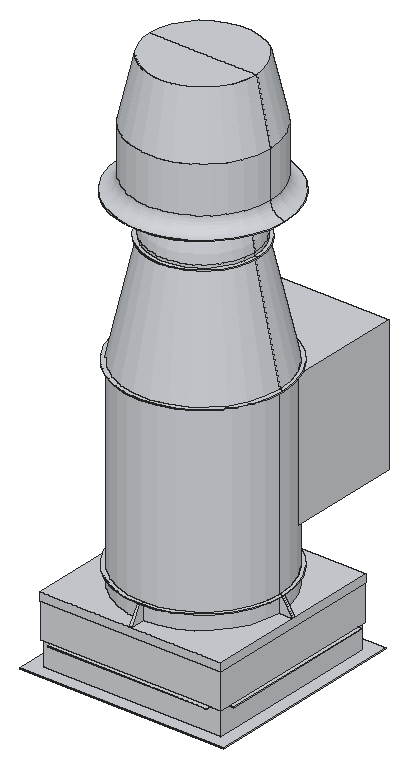
Revit family "QMXVP_with_Isolation_Box", category Mechanical Equipment, Revit 2019
Family settings
  Round Connector Dimension = Use Diameter
  Part Type = Normal
  Work Plane-Based = No
  Always vertical = Yes
  Cut with Voids When Loaded = No
  Shared = No
  Room Calculation Point = No
Parameters (values of type "402_QMXVP-27L-Isolation_Box")
  Unit Weight [instance] = ""
  UNIT_RADIUS+4" = UNIT_RADIUS + 0' 4"  # 2' - 8 15/32"
  UNIT_RADIUS*.6 = UNIT_RADIUS * 0.9  # 2' - 1.62188"
  UNIT_RADIUS = UNIT_OD / 2  # 2' - 4 15/32"
  UNIT_OD = 4' - 8 15/16"
  UNIT_HEIGHT*.75 = UNIT_HEIGHT * 0.75  # 4' - 3 3/8"
  UNIT_HEIGHT = 5' - 8 1/2"
  TYPE = 0' - 0"
  TRANSITION_TOP = 9' - 10 3/4"
  Sones [instance] = ""
  RO/2 = RO / 2  # 2' - 5 23/32"
  RO = 4' - 11 7/16"
  NOZZLE_WB_RAD-2" = NOZZLE_WB_RAD - 0' 2"  # 2' - 4 1/2"
  NOZZLE_WB_RAD = NOZZLE_WB_OD / 2  # 2' - 6 1/2"
  NOZZLE_WB/4 = NOZZLE_WB_OD / 5  # 1' - 0.2"
  NOZZLE_TOP_RAD = NOZZLE_TOP_OD / 2  # 1' - 7 27/32"
  NOZZLE_TOP_OD = if(NOZZLE_SIZE = 9' 0", 1' 1 1/2", if(NOZZLE_SIZE = 12' 0", 1' 7 1/2", if(NOZZLE_SIZE = 15' 0", 1' 11", if(NOZZLE_SIZE = 18' 0", 2' 3 1/2", if(NOZZLE_SIZE = 21' 0", 2' 6 3/4", if(NOZZLE_SIZE = 24' 0", 3' 0 1/2", if(NOZZLE_SIZE = 27' 0", 3' 3 11/16", if(NOZZLE_SIZE = 30' 0", 3' 9 1/2", if(NOZZLE_SIZE = 36' 0", 4' 10", if(NOZZLE_SIZE = 49' 0", 6' 4", 0' 1"))))))))))  # 3' - 3 11/16"
  NOZZLE_SIZE = 27' - 0"
  NOZZLE_HEIGHT/7*2 = NOZZLE_HEIGHT / 8 * 2  # 1' - 3 5/32"
  NOZZLE_HEIGHT = if(NOZZLE_SIZE = 9' 0", 2' 4", if(NOZZLE_SIZE = 12' 0", 2' 8", if(NOZZLE_SIZE = 15' 0", 3' 7", if(NOZZLE_SIZE = 18' 0", 4' 0", if(NOZZLE_SIZE = 21' 0", 4' 4 3/4", if(NOZZLE_SIZE = 24' 0", 5' 2", if(NOZZLE_SIZE = 30' 0", 6' 6", if(NOZZLE_SIZE = 27' 0", 5' 0 5/8", if(NOZZLE_SIZE = 36' 0", 7' 11", if(NOZZLE_SIZE = 49' 0", 9' 2", 0' 1"))))))))))  # 5' - 0 5/8"
  NOZZLE_BOTTOM_RAD = NOZZLE_BOTTOM_ID / 2  # 1' - 7 5/32"
  NOZZLE_WB_OD = if(NOZZLE_SIZE = 9' 0", 1' 11", if(NOZZLE_SIZE = 12' 0", 2' 4", if(NOZZLE_SIZE = 15' 0", 3' 0", if(NOZZLE_SIZE = 18' 0", 3' 7", if(NOZZLE_SIZE = 21' 0", 4' 1", if(NOZZLE_SIZE = 24' 0", 5' 1", if(NOZZLE_SIZE = 27' 0", 5' 1", if(NOZZLE_SIZE = 30' 0", 6' 2", if(NOZZLE_SIZE = 36' 0", 7' 6", if(NOZZLE_SIZE = 49' 0", 8' 5", 0' 1"))))))))))  # 5' - 1"
  NOZZLE_BOTTOM_ID = if(NOZZLE_SIZE = 9' 0", 1' 0 13/16", if(NOZZLE_SIZE = 12' 0", 1' 5 1/16", if(NOZZLE_SIZE = 15' 0", 1' 9 3/8", if(NOZZLE_SIZE = 18' 0", 2' 1 5/8", if(NOZZLE_SIZE = 21' 0", 2' 4 3/4", if(NOZZLE_SIZE = 24' 0", 2' 10 3/4", if(NOZZLE_SIZE = 27' 0", 3' 2 5/16", if(NOZZLE_SIZE = 30' 0", 3' 6 1/2", if(NOZZLE_SIZE = 36' 0", 4' 3 3/4", if(NOZZLE_SIZE = 49' 0", 5' 9 3/8", 0' 1"))))))))))  # 3' - 2 5/16"
  Motor RPM [instance] = ""
  Motor Enclosure [instance] = ""
  ModelID [instance] = ""
  MB_HT-2.75" = MB_HT - 0' 2 3/4"  # 1' - 1 1/4"
  MB_HT+.25" = MB_HT + 0' 0 1/4"  # 1' - 4 1/4"
  MB_HT = 1' - 4"  # constant formula
  LwA [instance] = ""
  GA = if(UNIT_OD > 7' 0", 0' 0 23/128", if(UNIT_OD > 5' 9", 0' 0 17/128", 0' 0 27/256"))  # 0' - 0 27/256"
  Fan RPM [instance] = ""
  E = 5' - 5 3/4"
  CURB_HEIGHT [instance] = 1' - 0"
  CURB [instance] = yes
  C/2 = C / 2  # 3' - 8"
  C = 7' - 4"
  B/2 = B / 2  # 7' - 7 1/2"
  B = 15' - 3"
  Assembly Code = ""
  Accessories [instance] = ""
  A/2 = A / 2  # 2' - 9 1/2"
  A = 5' - 7"
  6" = 0' - 6"  # constant formula
  5" = 0' - 5"  # constant formula
  3.125" = 0' - 3 1/8"  # constant formula
  3" = 0' - 3"  # constant formula
  Brake Hp [instance] = ""
  4" = 0' - 4"  # constant formula
  2' = 2' - 0"
  2" = 0' - 2"  # constant formula
  1" = 0' - 1"  # constant formula
  0 = 0' - 0"  # constant formula
  Voltage [instance] = 0 V
  URL = "www.lorencook.com"
  Type Comments = if(TYPE = 1' 0", "Vari-Plume Laboratory Exhaust Mixed-Flow High Pressure Inline Belt Drive With Isolation Box\r\n", "Vari-Plume Laboratory Exhaust Mixed-Flow Inline Belt Drive With Isolation Box\r\n")  # "Vari-Plume Laboratory Exhaust Mixed-Flow Inline Belt Drive With Isolation Box\r\n"
  Static Pressure [instance] = 0.00 in-wg
  Power [instance] = Voltage * Motor FLA * sqrt(if(Phase = 3, 3, 1))  # 0 VA
  Phase [instance] = 0
  Number of Poles [instance] = 1
  Motor Hp [instance] = "0"
  Motor FLA [instance] = 0 A
  Model = if(TYPE = 1' 0", "QMXHPVP-Isolation Box", "QMXVP-Isolation Box")  # "QMXVP-Isolation Box"
  Manufacturer = "Loren Cook Company"
  CFM [instance] = 0 CFM
  1.5 = 0' - 1 1/2"  # constant formula
  1/4 = 0' - 0 1/4"  # constant formula
  ONE EIGTH = 0' - 0 1/8"  # constant formula
  (NOZZLE_WB_OD-NOZZLE_TOP_OD)/2 = (NOZZLE_WB_OD - NOZZLE_TOP_OD) / 4  # 0' - 5 21/64"
  (NOZZLE_HEIGHT-(NOZZLE_HEIGHT/8*2))/2 = (NOZZLE_HEIGHT - (NOZZLE_HEIGHT / 8 * 2)) / 2  # 1' - 10 47/64"
  (A/2)+.25" = (A / 2) + 0' 0 1/4"  # 2' - 9 3/4"
Reference planes (in)
  plane 1 "Center (Front/Back)": y = 0
  plane 2: z = 0
  plane 3 "Center (Left/Right)": x = 0.40541
Forms (in)
  Extrusion 1, solid
    sketch origin (0, 0, 0) x (1, 0, 0) y (0, 1, 0)
      loop
        line (-33.34459, 33.75) -> (-33.34459, -33.75) -> (34.15541, -33.75) -> (34.15541, 33.75) -> (-33.34459, 33.75)
    from 16.25 <- "MB_HT+.25"" to 13.25 <- "MB_HT-2.75""
  Revolve 2, solid
    sketch origin (0, 0, 0) x (1, 0, 0) y (0, 0, 1)
      loop
        line (0.40541, 16.25) -> (28.87416, 16.25) -> (28.87416, 22.25) -> (30.37416, 22.25) -> (30.37416, 22.5) -> (28.87416, 22.5) -> (28.87416, 90.5) -> (30.37416, 90.5) -> (30.37416, 90.75) -> (28.87416, 90.75) -> (19.56166, 131.75) -> (21.06166, 131.75) -> (21.06166, 132) -> (0.40541, 132) -> (0.40541, 16.25)
      axis (0.40541, 132) -> (0.40541, 16.25)
    angle from 0 to 360
  Revolve 3, solid
    sketch origin (0, 0, 0) x (1, 0, 0) y (0, 0, 1)
      loop
        line (0.40541, 132) -> (19.56166, 132) -> (19.56166, 133)
        arc (19.56166, 133) -> (17.72865, 140.88652) -> (12.60541, 147.15625) r 17.8824
        line (12.60541, 147.15625) -> (30.90541, 147.15625) -> (20.24916, 192.625) -> (0.40541, 192.625) -> (0.40541, 132)
      axis (0.40541, 192.625) -> (0.40541, 132)
    angle from 0 to 360
  Extrusion 4, solid
    sketch origin (0.40541, 0, 90.5) x (1, 0, 0) y (0, -1, 0)
      loop
        line (-25.62187, -12.40924) -> (-25.62187, -54.25) -> (25.62188, -54.25) -> (25.62188, -12.40924)
        arc (25.62188, -12.40924) -> (0, -28.46875) -> (-25.62187, -12.40924) r 28.46875
    from 51.375 <- "UNIT_HEIGHT*.75" to 1.5
  Extrusion 5, solid
    sketch origin (0, 0, 0) x (1, 0, 0) y (0, 0, 1)
      loop
        line (-33.34459, 16.25) -> (-28.06334, 16.25) -> (-28.06334, 22.25) -> (-29.56334, 22.25) -> (-33.34459, 16.25)
      loop
        line (34.15541, 16.25) -> (30.37416, 22.25) -> (28.87416, 22.25) -> (28.87416, 16.25) -> (34.15541, 16.25)
    from -0.5 to 0.5
  Extrusion 6, solid
    sketch origin (0.40541, 0, 0) x (0, 1, 0) y (0, 0, 1)
      loop
        line (33.75, 16.25) -> (29.96875, 22.25) -> (28.46875, 22.25) -> (28.46875, 16.25) -> (33.75, 16.25)
      loop
        line (-33.5, 16.25) -> (-28.46875, 16.25) -> (-28.46875, 22.25) -> (-29.96875, 22.25) -> (-33.5, 16.25)
    from -0.5 to 0.5
  Extrusion 7, solid
    sketch origin (0.40541, 0, 22.25) x (1, 0, 0) y (0, -1, 0)
      loop
        line (-28.46875, 2) -> (-32.46875, 2) -> (-32.46875, -2) -> (-28.46875, -2) -> (-28.46875, 2)
    from -10 to -6
  Revolve 8, void
    sketch origin (0, 0, 0) x (1, 0, 0) y (0, 0, 1)
      loop
        arc (25.57729, 152.73437) -> (30.90541, 147.40625) -> (36.23354, 152.73438) r 5.32812
        line (36.23354, 152.73438) -> (36.23354, 169.89063) -> (25.57729, 169.89063) -> (25.57729, 152.73437)
      axis (0.40541, 152.73437) -> (0.40541, 169.89063)
    angle from 0 to 360
  Extrusion 9, solid
    sketch origin (0, 0, 0) x (1, 0, 0) y (0, 1, 0)
      loop
        line (-33.09459, 33.5) -> (-33.09459, -33.5) -> (33.90541, -33.5) -> (33.90541, 33.5) -> (-33.09459, 33.5)
    from 0 to 13.25 <- "MB_HT-2.75""
  Extrusion 10, void
    sketch origin (0, 0, 0) x (1, 0, 0) y (0, 1, 0)
      loop
        line (-32.84459, 33.25) -> (-32.84459, -33.25) -> (33.65541, -33.25) -> (33.65541, 33.25) -> (-32.84459, 33.25)
    from 0 to 2.875
  Extrusion 11, solid
    sketch origin (0, 0, 0) x (1, 0, 0) y (0, 1, 0)
      loop
        line (-33.34459, 29.75) -> (-34.84459, 29.75) -> (-34.84459, -29.75) -> (-33.34459, -29.75) -> (-33.34459, 29.75)
      loop
        line (-29.34459, -33.75) -> (-29.34459, -35.25) -> (30.15541, -35.25) -> (30.15541, -33.75) -> (-29.34459, -33.75)
      loop
        line (34.15541, -29.75) -> (35.65541, -29.75) -> (35.65541, 29.75) -> (34.15541, 29.75) -> (34.15541, -29.75)
      loop
        line (30.15541, 33.75) -> (30.15541, 35.25) -> (-29.34459, 35.25) -> (-29.34459, 33.75) -> (30.15541, 33.75)
    from 0 to 0.125
  Extrusion 12, solid
    sketch origin (-33.09459, 33.5, 0) x (1, 0, 0) y (0, 0, -1)
      loop
        line (63, -11.25) -> (63, -6.25) -> (4, -6.25) -> (4, -11.25) -> (63, -11.25)
    from 0 to 0.125
  Extrusion 13, solid
    sketch origin (-33.09459, 33.625, 0) x (1, 0, 0) y (0, 0, -1)
      loop
        line (11, -10.25) -> (11, -7.25) -> (5, -7.25) -> (5, -10.25) -> (11, -10.25)
    from 0 to 3.5
  Extrusion 14, solid, visible <- "CURB"
    sketch origin (0, 0, 2.875) x (0, 1, 0) y (1, 0, 0)
      loop
        line (29.71875, -29.31334) -> (29.71875, 30.12416) -> (-29.71875, 30.12416) -> (-29.71875, -29.31334) -> (29.71875, -29.31334)
      loop
        line (-32.84375, 33.24916) -> (-32.84375, -32.43834) -> (32.84375, -32.43834) -> (32.84375, 33.24916) -> (-32.84375, 33.24916)
    from 0 to 12 <- "CURB_HEIGHT"
  Extrusion 15, solid, visible <- "CURB"
    sketch origin (0, 0, -9.125) x (-1, 0, 0) y (0, 1, 0)
      loop
        line (32.43834, -32.84375) -> (32.43834, 32.84375) -> (-33.24916, 32.84375) -> (-33.24916, -32.84375) -> (32.43834, -32.84375)
      loop
        line (-38.24916, 37.84375) -> (-38.24916, -37.84375) -> (37.43834, -37.84375) -> (37.43834, 37.84375) -> (-38.24916, 37.84375)
    from 0 to -0.125
Cuts and joins
  Revolve 8 cuts Revolve 3
  Extrusion 10 cuts Extrusion 9
Dimensions and locks (in)
  "(A/2)+.25"": Extrusion 1 sketch curve to plane 3 "Center (Left/Right)"
  "(A/2)+.25"": plane 3 "Center (Left/Right)" to Extrusion 1 sketch curve
  "(A/2)+.25"": plane 1 "Center (Front/Back)" to Extrusion 1 sketch curve
  "(A/2)+.25"": Extrusion 1 sketch curve to plane 1 "Center (Front/Back)"
  "1/4": Revolve 2 sketch curve to Revolve 2 sketch curve  (x3)
  "1.5": Revolve 2 sketch curve to Revolve 2 sketch curve  (x3)
  "NOZZLE_BOTTOM_RAD": Revolve 2 sketch curve to plane 3 "Center (Left/Right)"
  "UNIT_HEIGHT": Revolve 2 sketch curve to Revolve 2 sketch curve
  "UNIT_RADIUS": Revolve 2 sketch curve to plane 3 "Center (Left/Right)"
  "UNIT_RADIUS": Revolve 2 sketch curve to Revolve 2 sketch curve
  "0": Revolve 2 sketch curve to plane 3 "Center (Left/Right)"  (x2)
  "0": Revolve 3 sketch curve to plane 3 "Center (Left/Right)"  (x2)
  "NOZZLE_TOP_RAD": Revolve 3 sketch curve to plane 3 "Center (Left/Right)"
  "NOZZLE_HEIGHT": Revolve 3 sketch curve to Revolve 2
  "0": Revolve 3 sketch curve to Revolve 2
  "NOZZLE_WB_RAD": Revolve 3 sketch curve to plane 3 "Center (Left/Right)"
  "NOZZLE_HEIGHT/7*2": Revolve 3 sketch curve to Revolve 3 sketch curve
  "NOZZLE_BOTTOM_RAD": Revolve 3 sketch curve to plane 3 "Center (Left/Right)"
  "1"": Revolve 3 sketch curve to Revolve 2  (x2)
  "NOZZLE_WB/4": Revolve 3 sketch curve to Revolve 3 sketch curve
  "0": Revolve 2 sketch curve to Revolve 2 sketch curve
  "0": Extrusion 4 sketch curve to plane 3 "Center (Left/Right)"
  "0": Extrusion 4 sketch curve to plane 1 "Center (Front/Back)"
  "UNIT_RADIUS*.6": Extrusion 4 sketch curve to plane 3 "Center (Left/Right)"
  "UNIT_RADIUS*.6": plane 3 "Center (Left/Right)" to Extrusion 4 sketch curve
  "0": Revolve 2 to Extrusion 5 sketch curve  (x3)
  "0": Extrusion 5 sketch curve to Revolve 2
  "1.5": Extrusion 5 sketch curve to Extrusion 5 sketch curve  (x2)
  "0": Revolve 2 to Extrusion 6 sketch curve
  "0": Extrusion 6 sketch curve to Revolve 2
  "UNIT_RADIUS": plane 1 "Center (Front/Back)" to Extrusion 6 sketch curve
  "UNIT_RADIUS": Extrusion 6 sketch curve to plane 1 "Center (Front/Back)"
  "1.5": Extrusion 6 sketch curve to Extrusion 6 sketch curve  (x2)
  "2"": plane 1 "Center (Front/Back)" to Extrusion 7 sketch curve
  "2"": Extrusion 7 sketch curve to plane 1 "Center (Front/Back)"
  "UNIT_RADIUS+4"": Extrusion 7 sketch curve to plane 3 "Center (Left/Right)"
  "UNIT_RADIUS": Extrusion 7 sketch curve to plane 3 "Center (Left/Right)"
  "NOZZLE_WB_RAD": Revolve 8 sketch curve to plane 3 "Center (Left/Right)"
  "(NOZZLE_WB_OD-NOZZLE_TOP_OD)/2": Revolve 8 sketch curve to Revolve 8 sketch curve  (x2)
  "1/4": Revolve 8 sketch curve to Revolve 3
  "(NOZZLE_HEIGHT-(NOZZLE_HEIGHT/8*2))/2": Revolve 8 sketch curve to Revolve 3
  "0": plane 3 "Center (Left/Right)" to Revolve 8 sketch curve
  "1/4": Extrusion 1 to Extrusion 9 sketch curve  (x3)
  "1/4": Extrusion 9 sketch curve to Extrusion 1
  "1/4": Extrusion 10 sketch curve to Extrusion 9  (x3)
  "1/4": Extrusion 9 to Extrusion 10 sketch curve
  "1.5": Extrusion 11 sketch curve to Extrusion 11 sketch curve  (x4)
  "0": Extrusion 11 sketch curve to Extrusion 1  (x3)
  "0": Extrusion 1 to Extrusion 11 sketch curve
  "4"": Extrusion 11 sketch curve to Extrusion 1  (x2)
  "4"": Extrusion 1 to Extrusion 11 sketch curve  (x6)
  "4"": cut or joined group of Extrusion 9, Extrusion 10 to Extrusion 12 sketch curve  (x2)
  "5"": Extrusion 12 sketch curve to Extrusion 12 sketch curve
  "2"": Extrusion 12 sketch curve to cut or joined group of Extrusion 9, Extrusion 10
  "1"": Extrusion 13 sketch curve to Extrusion 12  (x2)
  "1"": Extrusion 12 to Extrusion 13 sketch curve
  "6"": Extrusion 13 sketch curve to Extrusion 13 sketch curve
  "TRANSITION_TOP": cut or joined group of Extrusion 9, Extrusion 10 to Revolve 2 sketch curve
  "0": Extrusion 1 to Revolve 2 sketch curve
  "C": Extrusion 1 to Extrusion 4 sketch curve
  "0": Extrusion 5 sketch curve to Extrusion 1  (x2)
  "0": Extrusion 1 to Extrusion 5 sketch curve  (x2)
  "0": Extrusion 6 sketch curve to Extrusion 1  (x2)
  "0": Extrusion 1 to Extrusion 6 sketch curve
  "0": Extrusion 6 sketch curve to cut or joined group of Extrusion 9, Extrusion 10
  "3.125"": Extrusion 14 sketch curve to Extrusion 14 sketch curve  (x4)
  "RO/2": Extrusion 14 sketch curve to plane 3 "Center (Left/Right)"
  "RO/2": plane 3 "Center (Left/Right)" to Extrusion 14 sketch curve
  "RO/2": plane 1 "Center (Front/Back)" to Extrusion 14 sketch curve
  "RO/2": Extrusion 14 sketch curve to plane 1 "Center (Front/Back)"
  "5"": Extrusion 15 sketch curve to Extrusion 15 sketch curve  (x4)
  "0": Extrusion 15 sketch curve to Extrusion 14  (x3)
  "0": Extrusion 14 to Extrusion 15 sketch curve
  "UNIT_RADIUS": radius of Extrusion 4 sketch curve
Automatic sketch dimensions
  Revolve 2 sketch curve to Revolve 2 sketch curve = 0' - 0"
  Revolve 2 sketch curve to Revolve 2 sketch curve = 0' - 4"
  Extrusion 4 sketch curve to Extrusion 4 sketch curve = 0' - 0"
  Revolve 3 sketch curve to Revolve 3 sketch curve = 0' - 7"
  Revolve 3 sketch curve to Revolve 3 sketch curve = 0' - 3"
  Revolve 8 sketch curve to Revolve 8 sketch curve = 1' - 1"
  Revolve 8 sketch curve to Revolve 8 sketch curve = 4' - 5.21605"
  Revolve 2 sketch curve to Revolve 2 sketch curve = 0' - 6"
Connectors (in)
  electrical at (-30.06334, 0, 28.25)
    settings: on Extrusion 7, index 2, voltage 0 V, apparent load 0 VA, apparent load phase1 0 VA, apparent load phase2 0 VA, apparent load phase3 0 VA, power factor 1, load classification "Other", number of poles 1, system type 30, power factor state 1, is connector primary yes, connector utility no, sub classification motor no, connector description ""
  hvac at (0.40541, 0, 2.875), driven by "CFM", driven by "RO", driven by "RO"
    settings: on cut or joined group of Extrusion 9, Extrusion 10, index 3, duct flow 0 CFM, flow factor 0, pres drop 0.00 in-wg, loss coef 0, conn angle 0.00°, conn width 59 7/16", conn height 59 7/16", conn diameter 24", duct sys type 3, conn prof type 1, flow config 0, flow direction 1, loss method 0, conn ref index -1, conn util no, is conn primary yes, conn desc ""
Types (225): name | UNIT_RADIUS+4" | UNIT_RADIUS*.6 | UNIT_RADIUS | UNIT_OD | UNIT_HEIGHT*.75 | UNIT_HEIGHT | TYPE | TRANSITION_TOP | RO/2 | RO | NOZZLE_WB_RAD-2" | NOZZLE_WB_RAD | NOZZLE_WB/4 | NOZZLE_TOP_RAD | NOZZLE_TOP_OD | NOZZLE_SIZE | NOZZLE_HEIGHT/7*2 | NOZZLE_HEIGHT | NOZZLE_BOTTOM_RAD | NOZZLE_WB_OD | NOZZLE_BOTTOM_ID | GA | E | C/2 | C | B/2 | B | A/2 | A | Type Comments | Model | (NOZZLE_WB_OD-NOZZLE_TOP_OD)/2 | (NOZZLE_HEIGHT-(NOZZLE_HEIGHT/8*2))/2 | (A/2)+.25"
  (no name) | 2' - 8 15/32" | 2' - 1.62188" | 2' - 4 15/32" | 4' - 8 15/16" | 4' - 3 3/8" | 5' - 8 1/2" | 0' - 0" | 9' - 10 3/4" | 2' - 5 23/32" | 4' - 11 7/16" | 2' - 4 1/2" | 2' - 6 1/2" | 1' - 0.2" | 1' - 7 27/32" | 3' - 3 11/16" | 27' - 0" | 1' - 3 5/32" | 5' - 0 5/8" | 1' - 7 5/32" | 5' - 1" | 3' - 2 5/16" | 0' - 0 27/256" | 5' - 5 3/4" | 3' - 8" | 7' - 4" | 7' - 7 1/2" | 15' - 3" | 2' - 9 1/2" | 5' - 7" | "Vari-Plume Laboratory Exhaust Mixed-Flow Inline Belt Drive With Isolation Box\r\n" | "QMXVP-Isolation Box" | 0' - 5 21/64" | 1' - 10 47/64" | 2' - 9 3/4"
  90_QMXVP-9L-Isolation_Box | 0' - 10 13/32" | 0' - 5 49/64" | 0' - 6 13/32" | 1' - 0 13/16" | 1' - 2 29/32" | 1' - 7 7/8" | 0' - 0" | 3' - 1 1/16" | 0' - 10 1/2" | 1' - 9" | 0' - 9 1/2" | 0' - 11 1/2" | 0' - 4.6" | 0' - 6 3/4" | 1' - 1 1/2" | 9' - 0" | 0' - 7" | 2' - 4" | 0' - 6 13/32" | 1' - 11" | 1' - 0 13/16" | 0' - 0 27/256" | 2' - 3 3/16" | 1' - 3" | 2' - 6" | 2' - 8 1/2" | 5' - 5" | 1' - 2" | 2' - 4" | "Vari-Plume Laboratory Exhaust Mixed-Flow Inline Belt Drive With Isolation Box\r\n" | "QMXVP-Isolation Box" | 0' - 2 3/8" | 0' - 10 1/2" | 1' - 2 1/4"
  90_QMXVP-9H-Isolation_Box | 0' - 10 13/32" | 0' - 5 49/64" | 0' - 6 13/32" | 1' - 0 13/16" | 1' - 2 29/32" | 1' - 7 7/8" | 0' - 0" | 3' - 1 1/16" | 0' - 10 1/2" | 1' - 9" | 0' - 9 1/2" | 0' - 11 1/2" | 0' - 4.6" | 0' - 6 3/4" | 1' - 1 1/2" | 9' - 0" | 0' - 7" | 2' - 4" | 0' - 6 13/32" | 1' - 11" | 1' - 0 13/16" | 0' - 0 27/256" | 2' - 3 3/16" | 1' - 3" | 2' - 6" | 2' - 8 1/2" | 5' - 5" | 1' - 2" | 2' - 4" | "Vari-Plume Laboratory Exhaust Mixed-Flow Inline Belt Drive With Isolation Box\r\n" | "QMXVP-Isolation Box" | 0' - 2 3/8" | 0' - 10 1/2" | 1' - 2 1/4"
  120_QMXVP-9L-Isolation_Box | 1' - 0 17/32" | 0' - 7.67813" | 0' - 8 17/32" | 1' - 5 1/16" | 1' - 2 29/32" | 1' - 7 7/8" | 0' - 0" | 3' - 7 3/16" | 0' - 10 1/2" | 1' - 9" | 0' - 9 1/2" | 0' - 11 1/2" | 0' - 4.6" | 0' - 6 3/4" | 1' - 1 1/2" | 9' - 0" | 0' - 7" | 2' - 4" | 0' - 6 13/32" | 1' - 11" | 1' - 0 13/16" | 0' - 0 27/256" | 2' - 3 3/16" | 1' - 6 1/2" | 3' - 1" | 2' - 11 1/2" | 5' - 11" | 1' - 2" | 2' - 4" | "Vari-Plume Laboratory Exhaust Mixed-Flow Inline Belt Drive With Isolation Box\r\n" | "QMXVP-Isolation Box" | 0' - 2 3/8" | 0' - 10 1/2" | 1' - 2 1/4"
  120_QMXVP-9H-Isolation_Box | 1' - 0 17/32" | 0' - 7.67813" | 0' - 8 17/32" | 1' - 5 1/16" | 1' - 2 29/32" | 1' - 7 7/8" | 0' - 0" | 3' - 7 3/16" | 0' - 10 1/2" | 1' - 9" | 0' - 9 1/2" | 0' - 11 1/2" | 0' - 4.6" | 0' - 6 3/4" | 1' - 1 1/2" | 9' - 0" | 0' - 7" | 2' - 4" | 0' - 6 13/32" | 1' - 11" | 1' - 0 13/16" | 0' - 0 27/256" | 2' - 3 3/16" | 1' - 6 1/2" | 3' - 1" | 2' - 11 1/2" | 5' - 11" | 1' - 2" | 2' - 4" | "Vari-Plume Laboratory Exhaust Mixed-Flow Inline Belt Drive With Isolation Box\r\n" | "QMXVP-Isolation Box" | 0' - 2 3/8" | 0' - 10 1/2" | 1' - 2 1/4"
  120_QMXVP-12L-Isolation_Box | 1' - 0 17/32" | 0' - 7.67813" | 0' - 8 17/32" | 1' - 5 1/16" | 1' - 2 29/32" | 1' - 7 7/8" | 0' - 0" | 3' - 3 7/16" | 0' - 10 1/2" | 1' - 9" | 1' - 0" | 1' - 2" | 0' - 5.6" | 0' - 9 3/4" | 1' - 7 1/2" | 12' - 0" | 0' - 8" | 2' - 8" | 0' - 8 17/32" | 2' - 4" | 1' - 5 1/16" | 0' - 0 27/256" | 2' - 3 3/16" | 1' - 6 1/2" | 3' - 1" | 2' - 11 1/2" | 5' - 11" | 1' - 2" | 2' - 4" | "Vari-Plume Laboratory Exhaust Mixed-Flow Inline Belt Drive With Isolation Box\r\n" | "QMXVP-Isolation Box" | 0' - 2 1/8" | 1' - 0" | 1' - 2 1/4"
  120_QMXVP-12H-Isolation_Box | 1' - 0 17/32" | 0' - 7.67813" | 0' - 8 17/32" | 1' - 5 1/16" | 1' - 2 29/32" | 1' - 7 7/8" | 0' - 0" | 3' - 3 7/16" | 0' - 10 1/2" | 1' - 9" | 1' - 0" | 1' - 2" | 0' - 5.6" | 0' - 9 3/4" | 1' - 7 1/2" | 12' - 0" | 0' - 8" | 2' - 8" | 0' - 8 17/32" | 2' - 4" | 1' - 5 1/16" | 0' - 0 27/256" | 2' - 3 3/16" | 1' - 6 1/2" | 3' - 1" | 2' - 11 1/2" | 5' - 11" | 1' - 2" | 2' - 4" | "Vari-Plume Laboratory Exhaust Mixed-Flow Inline Belt Drive With Isolation Box\r\n" | "QMXVP-Isolation Box" | 0' - 2 1/8" | 1' - 0" | 1' - 2 1/4"
  135_QMXVP-9L-Isolation_Box | 1' - 1 5/8" | 0' - 8.6625" | 0' - 9 5/8" | 1' - 7 1/4" | 1' - 8 1/4" | 2' - 3" | 0' - 0" | 4' - 0 11/16" | 0' - 10 15/32" | 1' - 8 15/16" | 0' - 9 1/2" | 0' - 11 1/2" | 0' - 4.6" | 0' - 6 3/4" | 1' - 1 1/2" | 9' - 0" | 0' - 7" | 2' - 4" | 0' - 6 13/32" | 1' - 11" | 1' - 0 13/16" | 0' - 0 27/256" | 2' - 3 1/8" | 1' - 7 1/2" | 3' - 3" | 3' - 2 1/2" | 6' - 5" | 1' - 2" | 2' - 4" | "Vari-Plume Laboratory Exhaust Mixed-Flow Inline Belt Drive With Isolation Box\r\n" | "QMXVP-Isolation Box" | 0' - 2 3/8" | 0' - 10 1/2" | 1' - 2 1/4"
  135_QMXVP-9H-Isolation_Box | 1' - 1 5/8" | 0' - 8.6625" | 0' - 9 5/8" | 1' - 7 1/4" | 1' - 8 1/4" | 2' - 3" | 0' - 0" | 4' - 0 11/16" | 0' - 10 15/32" | 1' - 8 15/16" | 0' - 9 1/2" | 0' - 11 1/2" | 0' - 4.6" | 0' - 6 3/4" | 1' - 1 1/2" | 9' - 0" | 0' - 7" | 2' - 4" | 0' - 6 13/32" | 1' - 11" | 1' - 0 13/16" | 0' - 0 27/256" | 2' - 3 1/8" | 1' - 7 1/2" | 3' - 3" | 3' - 2 1/2" | 6' - 5" | 1' - 2" | 2' - 4" | "Vari-Plume Laboratory Exhaust Mixed-Flow Inline Belt Drive With Isolation Box\r\n" | "QMXVP-Isolation Box" | 0' - 2 3/8" | 0' - 10 1/2" | 1' - 2 1/4"
  150_QMXVP-9L-Isolation_Box | 1' - 2 11/16" | 0' - 9.61875" | 0' - 10 11/16" | 1' - 9 3/8" | 1' - 10 1/2" | 2' - 6" | 0' - 0" | 4' - 6 1/4" | 0' - 11 15/32" | 1' - 10 15/16" | 0' - 9 1/2" | 0' - 11 1/2" | 0' - 4.6" | 0' - 6 3/4" | 1' - 1 1/2" | 9' - 0" | 0' - 7" | 2' - 4" | 0' - 6 13/32" | 1' - 11" | 1' - 0 13/16" | 0' - 0 27/256" | 2' - 5 1/8" | 1' - 9" | 3' - 6" | 3' - 7 1/2" | 7' - 3" | 1' - 3" | 2' - 6" | "Vari-Plume Laboratory Exhaust Mixed-Flow Inline Belt Drive With Isolation Box\r\n" | "QMXVP-Isolation Box" | 0' - 2 3/8" | 0' - 10 1/2" | 1' - 3 1/4"
  135_QMXVP-12L-Isolation_Box | 1' - 1 5/8" | 0' - 8.6625" | 0' - 9 5/8" | 1' - 7 1/4" | 1' - 8 1/4" | 2' - 3" | 0' - 0" | 3' - 4 11/16" | 0' - 10 15/32" | 1' - 8 15/16" | 1' - 0" | 1' - 2" | 0' - 5.6" | 0' - 9 3/4" | 1' - 7 1/2" | 12' - 0" | 0' - 8" | 2' - 8" | 0' - 8 17/32" | 2' - 4" | 1' - 5 1/16" | 0' - 0 27/256" | 2' - 3 1/8" | 1' - 7 1/2" | 3' - 3" | 3' - 2 1/2" | 6' - 5" | 1' - 2" | 2' - 4" | "Vari-Plume Laboratory Exhaust Mixed-Flow Inline Belt Drive With Isolation Box\r\n" | "QMXVP-Isolation Box" | 0' - 2 1/8" | 1' - 0" | 1' - 2 1/4"
  135_QMXVP-12H-Isolation_Box | 1' - 1 5/8" | 0' - 8.6625" | 0' - 9 5/8" | 1' - 7 1/4" | 1' - 8 1/4" | 2' - 3" | 0' - 0" | 3' - 4 11/16" | 0' - 10 15/32" | 1' - 8 15/16" | 1' - 0" | 1' - 2" | 0' - 5.6" | 0' - 9 3/4" | 1' - 7 1/2" | 12' - 0" | 0' - 8" | 2' - 8" | 0' - 8 17/32" | 2' - 4" | 1' - 5 1/16" | 0' - 0 27/256" | 2' - 3 1/8" | 1' - 7 1/2" | 3' - 3" | 3' - 2 1/2" | 6' - 5" | 1' - 2" | 2' - 4" | "Vari-Plume Laboratory Exhaust Mixed-Flow Inline Belt Drive With Isolation Box\r\n" | "QMXVP-Isolation Box" | 0' - 2 1/8" | 1' - 0" | 1' - 2 1/4"
  150_QMXVP-9H-Isolation_Box | 1' - 2 11/16" | 0' - 9.61875" | 0' - 10 11/16" | 1' - 9 3/8" | 1' - 10 1/2" | 2' - 6" | 0' - 0" | 4' - 6 1/4" | 0' - 11 15/32" | 1' - 10 15/16" | 0' - 9 1/2" | 0' - 11 1/2" | 0' - 4.6" | 0' - 6 3/4" | 1' - 1 1/2" | 9' - 0" | 0' - 7" | 2' - 4" | 0' - 6 13/32" | 1' - 11" | 1' - 0 13/16" | 0' - 0 27/256" | 2' - 5 1/8" | 1' - 9" | 3' - 6" | 3' - 7 1/2" | 7' - 3" | 1' - 3" | 2' - 6" | "Vari-Plume Laboratory Exhaust Mixed-Flow Inline Belt Drive With Isolation Box\r\n" | "QMXVP-Isolation Box" | 0' - 2 3/8" | 0' - 10 1/2" | 1' - 3 1/4"
  150_QMXVP-12L-Isolation_Box | 1' - 2 11/16" | 0' - 9.61875" | 0' - 10 11/16" | 1' - 9 3/8" | 1' - 10 1/2" | 2' - 6" | 0' - 0" | 3' - 10 1/4" | 0' - 11 15/32" | 1' - 10 15/16" | 1' - 0" | 1' - 2" | 0' - 5.6" | 0' - 9 3/4" | 1' - 7 1/2" | 12' - 0" | 0' - 8" | 2' - 8" | 0' - 8 17/32" | 2' - 4" | 1' - 5 1/16" | 0' - 0 27/256" | 2' - 5 1/8" | 1' - 9" | 3' - 6" | 3' - 7 1/2" | 7' - 3" | 1' - 3" | 2' - 6" | "Vari-Plume Laboratory Exhaust Mixed-Flow Inline Belt Drive With Isolation Box\r\n" | "QMXVP-Isolation Box" | 0' - 2 1/8" | 1' - 0" | 1' - 3 1/4"
  150_QMXVP-12H-Isolation_Box | 1' - 2 11/16" | 0' - 9.61875" | 0' - 10 11/16" | 1' - 9 3/8" | 1' - 10 1/2" | 2' - 6" | 0' - 0" | 3' - 10 1/4" | 0' - 11 15/32" | 1' - 10 15/16" | 1' - 0" | 1' - 2" | 0' - 5.6" | 0' - 9 3/4" | 1' - 7 1/2" | 12' - 0" | 0' - 8" | 2' - 8" | 0' - 8 17/32" | 2' - 4" | 1' - 5 1/16" | 0' - 0 27/256" | 2' - 5 1/8" | 1' - 9" | 3' - 6" | 3' - 7 1/2" | 7' - 3" | 1' - 3" | 2' - 6" | "Vari-Plume Laboratory Exhaust Mixed-Flow Inline Belt Drive With Isolation Box\r\n" | "QMXVP-Isolation Box" | 0' - 2 1/8" | 1' - 0" | 1' - 3 1/4"
  150_QMXVP-15L-Isolation_Box | 1' - 2 11/16" | 0' - 9.61875" | 0' - 10 11/16" | 1' - 9 3/8" | 1' - 10 1/2" | 2' - 6" | 0' - 0" | 3' - 7 5/16" | 0' - 11 15/32" | 1' - 10 15/16" | 1' - 4" | 1' - 6" | 0' - 7.2" | 0' - 11 1/2" | 1' - 11" | 15' - 0" | 0' - 10 3/4" | 3' - 7" | 0' - 10 11/16" | 3' - 0" | 1' - 9 3/8" | 0' - 0 27/256" | 2' - 5 1/8" | 1' - 9" | 3' - 6" | 3' - 7 1/2" | 7' - 3" | 1' - 3" | 2' - 6" | "Vari-Plume Laboratory Exhaust Mixed-Flow Inline Belt Drive With Isolation Box\r\n" | "QMXVP-Isolation Box" | 0' - 3 1/4" | 1' - 4 1/8" | 1' - 3 1/4"
  150_QMXVP-15H-Isolation_Box | 1' - 2 11/16" | 0' - 9.61875" | 0' - 10 11/16" | 1' - 9 3/8" | 1' - 10 1/2" | 2' - 6" | 0' - 0" | 3' - 7 5/16" | 0' - 11 15/32" | 1' - 10 15/16" | 1' - 4" | 1' - 6" | 0' - 7.2" | 0' - 11 1/2" | 1' - 11" | 15' - 0" | 0' - 10 3/4" | 3' - 7" | 0' - 10 11/16" | 3' - 0" | 1' - 9 3/8" | 0' - 0 27/256" | 2' - 5 1/8" | 1' - 9" | 3' - 6" | 3' - 7 1/2" | 7' - 3" | 1' - 3" | 2' - 6" | "Vari-Plume Laboratory Exhaust Mixed-Flow Inline Belt Drive With Isolation Box\r\n" | "QMXVP-Isolation Box" | 0' - 3 1/4" | 1' - 4 1/8" | 1' - 3 1/4"
  165_QMXVP-9L-Isolation_Box | 1' - 3 3/4" | 0' - 10.575" | 0' - 11 3/4" | 1' - 11 1/2" | 2' - 0 3/4" | 2' - 9" | 0' - 0" | 5' - 1 1/4" | 1' - 0 15/32" | 2' - 0 15/16" | 0' - 9 1/2" | 0' - 11 1/2" | 0' - 4.6" | 0' - 6 3/4" | 1' - 1 1/2" | 9' - 0" | 0' - 7" | 2' - 4" | 0' - 6 13/32" | 1' - 11" | 1' - 0 13/16" | 0' - 0 27/256" | 2' - 7 1/8" | 1' - 10" | 3' - 8" | 3' - 8 1/2" | 7' - 5" | 1' - 4" | 2' - 8" | "Vari-Plume Laboratory Exhaust Mixed-Flow Inline Belt Drive With Isolation Box\r\n" | "QMXVP-Isolation Box" | 0' - 2 3/8" | 0' - 10 1/2" | 1' - 4 1/4"
  165_QMXVP-9H-Isolation_Box | 1' - 3 3/4" | 0' - 10.575" | 0' - 11 3/4" | 1' - 11 1/2" | 2' - 0 3/4" | 2' - 9" | 0' - 0" | 5' - 1 1/4" | 1' - 0 15/32" | 2' - 0 15/16" | 0' - 9 1/2" | 0' - 11 1/2" | 0' - 4.6" | 0' - 6 3/4" | 1' - 1 1/2" | 9' - 0" | 0' - 7" | 2' - 4" | 0' - 6 13/32" | 1' - 11" | 1' - 0 13/16" | 0' - 0 27/256" | 2' - 7 1/8" | 1' - 10" | 3' - 8" | 3' - 8 1/2" | 7' - 5" | 1' - 4" | 2' - 8" | "Vari-Plume Laboratory Exhaust Mixed-Flow Inline Belt Drive With Isolation Box\r\n" | "QMXVP-Isolation Box" | 0' - 2 3/8" | 0' - 10 1/2" | 1' - 4 1/4"
  165_QMXVP-12L-Isolation_Box | 1' - 3 3/4" | 0' - 10.575" | 0' - 11 3/4" | 1' - 11 1/2" | 2' - 0 3/4" | 2' - 9" | 0' - 0" | 4' - 5 1/4" | 1' - 0 15/32" | 2' - 0 15/16" | 1' - 0" | 1' - 2" | 0' - 5.6" | 0' - 9 3/4" | 1' - 7 1/2" | 12' - 0" | 0' - 8" | 2' - 8" | 0' - 8 17/32" | 2' - 4" | 1' - 5 1/16" | 0' - 0 27/256" | 2' - 7 1/8" | 1' - 10" | 3' - 8" | 3' - 8 1/2" | 7' - 5" | 1' - 4" | 2' - 8" | "Vari-Plume Laboratory Exhaust Mixed-Flow Inline Belt Drive With Isolation Box\r\n" | "QMXVP-Isolation Box" | 0' - 2 1/8" | 1' - 0" | 1' - 4 1/4"
  165_QMXVP-12H-Isolation_Box | 1' - 3 3/4" | 0' - 10.575" | 0' - 11 3/4" | 1' - 11 1/2" | 2' - 0 3/4" | 2' - 9" | 0' - 0" | 4' - 5 1/4" | 1' - 0 15/32" | 2' - 0 15/16" | 1' - 0" | 1' - 2" | 0' - 5.6" | 0' - 9 3/4" | 1' - 7 1/2" | 12' - 0" | 0' - 8" | 2' - 8" | 0' - 8 17/32" | 2' - 4" | 1' - 5 1/16" | 0' - 0 27/256" | 2' - 7 1/8" | 1' - 10" | 3' - 8" | 3' - 8 1/2" | 7' - 5" | 1' - 4" | 2' - 8" | "Vari-Plume Laboratory Exhaust Mixed-Flow Inline Belt Drive With Isolation Box\r\n" | "QMXVP-Isolation Box" | 0' - 2 1/8" | 1' - 0" | 1' - 4 1/4"
  165_QMXVP-15L-Isolation_Box | 1' - 3 3/4" | 0' - 10.575" | 0' - 11 3/4" | 1' - 11 1/2" | 2' - 0 3/4" | 2' - 9" | 0' - 0" | 3' - 9 5/16" | 1' - 0 15/32" | 2' - 0 15/16" | 1' - 4" | 1' - 6" | 0' - 7.2" | 0' - 11 1/2" | 1' - 11" | 15' - 0" | 0' - 10 3/4" | 3' - 7" | 0' - 10 11/16" | 3' - 0" | 1' - 9 3/8" | 0' - 0 27/256" | 2' - 7 1/8" | 1' - 10" | 3' - 8" | 3' - 8 1/2" | 7' - 5" | 1' - 4" | 2' - 8" | "Vari-Plume Laboratory Exhaust Mixed-Flow Inline Belt Drive With Isolation Box\r\n" | "QMXVP-Isolation Box" | 0' - 3 1/4" | 1' - 4 1/8" | 1' - 4 1/4"
  165_QMXVP-15H-Isolation_Box | 1' - 3 3/4" | 0' - 10.575" | 0' - 11 3/4" | 1' - 11 1/2" | 2' - 0 3/4" | 2' - 9" | 0' - 0" | 3' - 9 5/16" | 1' - 0 15/32" | 2' - 0 15/16" | 1' - 4" | 1' - 6" | 0' - 7.2" | 0' - 11 1/2" | 1' - 11" | 15' - 0" | 0' - 10 3/4" | 3' - 7" | 0' - 10 11/16" | 3' - 0" | 1' - 9 3/8" | 0' - 0 27/256" | 2' - 7 1/8" | 1' - 10" | 3' - 8" | 3' - 8 1/2" | 7' - 5" | 1' - 4" | 2' - 8" | "Vari-Plume Laboratory Exhaust Mixed-Flow Inline Belt Drive With Isolation Box\r\n" | "QMXVP-Isolation Box" | 0' - 3 1/4" | 1' - 4 1/8" | 1' - 4 1/4"
  180_QMXVP-12L-Isolation_Box | 1' - 4 13/16" | 0' - 11 17/32" | 1' - 0 13/16" | 2' - 1 5/8" | 2' - 2 1/4" | 2' - 11" | 0' - 0" | 4' - 11 1/16" | 1' - 1 15/32" | 2' - 2 15/16" | 1' - 0" | 1' - 2" | 0' - 5.6" | 0' - 9 3/4" | 1' - 7 1/2" | 12' - 0" | 0' - 8" | 2' - 8" | 0' - 8 17/32" | 2' - 4" | 1' - 5 1/16" | 0' - 0 27/256" | 2' - 9 1/8" | 1' - 11" | 3' - 10" | 4' - 1" | 8' - 2" | 1' - 5" | 2' - 10" | "Vari-Plume Laboratory Exhaust Mixed-Flow Inline Belt Drive With Isolation Box\r\n" | "QMXVP-Isolation Box" | 0' - 2 1/8" | 1' - 0" | 1' - 5 1/4"
  180_QMXVP-12H-Isolation_Box | 1' - 4 13/16" | 0' - 11 17/32" | 1' - 0 13/16" | 2' - 1 5/8" | 2' - 2 1/4" | 2' - 11" | 0' - 0" | 4' - 11 1/16" | 1' - 1 15/32" | 2' - 2 15/16" | 1' - 0" | 1' - 2" | 0' - 5.6" | 0' - 9 3/4" | 1' - 7 1/2" | 12' - 0" | 0' - 8" | 2' - 8" | 0' - 8 17/32" | 2' - 4" | 1' - 5 1/16" | 0' - 0 27/256" | 2' - 9 1/8" | 1' - 11" | 3' - 10" | 4' - 1" | 8' - 2" | 1' - 5" | 2' - 10" | "Vari-Plume Laboratory Exhaust Mixed-Flow Inline Belt Drive With Isolation Box\r\n" | "QMXVP-Isolation Box" | 0' - 2 1/8" | 1' - 0" | 1' - 5 1/4"
  180_QMXVP-15L-Isolation_Box | 1' - 4 13/16" | 0' - 11 17/32" | 1' - 0 13/16" | 2' - 1 5/8" | 2' - 2 1/4" | 2' - 11" | 0' - 0" | 4' - 3 1/8" | 1' - 1 15/32" | 2' - 2 15/16" | 1' - 4" | 1' - 6" | 0' - 7.2" | 0' - 11 1/2" | 1' - 11" | 15' - 0" | 0' - 10 3/4" | 3' - 7" | 0' - 10 11/16" | 3' - 0" | 1' - 9 3/8" | 0' - 0 27/256" | 2' - 9 1/8" | 1' - 11" | 3' - 10" | 4' - 1" | 8' - 2" | 1' - 5" | 2' - 10" | "Vari-Plume Laboratory Exhaust Mixed-Flow Inline Belt Drive With Isolation Box\r\n" | "QMXVP-Isolation Box" | 0' - 3 1/4" | 1' - 4 1/8" | 1' - 5 1/4"
  180_QMXVP-15H-Isolation_Box | 1' - 4 13/16" | 0' - 11 17/32" | 1' - 0 13/16" | 2' - 1 5/8" | 2' - 2 1/4" | 2' - 11" | 0' - 0" | 4' - 3 1/8" | 1' - 1 15/32" | 2' - 2 15/16" | 1' - 4" | 1' - 6" | 0' - 7.2" | 0' - 11 1/2" | 1' - 11" | 15' - 0" | 0' - 10 3/4" | 3' - 7" | 0' - 10 11/16" | 3' - 0" | 1' - 9 3/8" | 0' - 0 27/256" | 2' - 9 1/8" | 1' - 11" | 3' - 10" | 4' - 1" | 8' - 2" | 1' - 5" | 2' - 10" | "Vari-Plume Laboratory Exhaust Mixed-Flow Inline Belt Drive With Isolation Box\r\n" | "QMXVP-Isolation Box" | 0' - 3 1/4" | 1' - 4 1/8" | 1' - 5 1/4"
  180_QMXVP-18L-Isolation_Box | 1' - 4 13/16" | 0' - 11 17/32" | 1' - 0 13/16" | 2' - 1 5/8" | 2' - 2 1/4" | 2' - 11" | 0' - 0" | 4' - 0 1/2" | 1' - 1 15/32" | 2' - 2 15/16" | 1' - 7 1/2" | 1' - 9 1/2" | 0' - 8.6" | 1' - 1 3/4" | 2' - 3 1/2" | 18' - 0" | 1' - 0" | 4' - 0" | 1' - 0 13/16" | 3' - 7" | 2' - 1 5/8" | 0' - 0 27/256" | 2' - 9 1/8" | 1' - 11" | 3' - 10" | 4' - 1" | 8' - 2" | 1' - 5" | 2' - 10" | "Vari-Plume Laboratory Exhaust Mixed-Flow Inline Belt Drive With Isolation Box\r\n" | "QMXVP-Isolation Box" | 0' - 3 7/8" | 1' - 6" | 1' - 5 1/4"
  180_QMXVP-18H-Isolation_Box | 1' - 4 13/16" | 0' - 11 17/32" | 1' - 0 13/16" | 2' - 1 5/8" | 2' - 2 1/4" | 2' - 11" | 0' - 0" | 4' - 0 1/2" | 1' - 1 15/32" | 2' - 2 15/16" | 1' - 7 1/2" | 1' - 9 1/2" | 0' - 8.6" | 1' - 1 3/4" | 2' - 3 1/2" | 18' - 0" | 1' - 0" | 4' - 0" | 1' - 0 13/16" | 3' - 7" | 2' - 1 5/8" | 0' - 0 27/256" | 2' - 9 1/8" | 1' - 11" | 3' - 10" | 4' - 1" | 8' - 2" | 1' - 5" | 2' - 10" | "Vari-Plume Laboratory Exhaust Mixed-Flow Inline Belt Drive With Isolation Box\r\n" | "QMXVP-Isolation Box" | 0' - 3 7/8" | 1' - 6" | 1' - 5 1/4"
  202_QMXVP-12L-Isolation_Box | 1' - 6 3/8" | 1' - 0 15/16" | 1' - 2 3/8" | 2' - 4 3/4" | 2' - 4 1/8" | 3' - 1 1/2" | 0' - 0" | 5' - 7 9/16" | 1' - 3 3/8" | 2' - 6 3/4" | 1' - 0" | 1' - 2" | 0' - 5.6" | 0' - 9 3/4" | 1' - 7 1/2" | 12' - 0" | 0' - 8" | 2' - 8" | 0' - 8 17/32" | 2' - 4" | 1' - 5 1/16" | 0' - 0 27/256" | 3' - 0 15/16" | 2' - 1" | 4' - 2" | 4' - 4" | 8' - 8" | 1' - 7" | 3' - 2" | "Vari-Plume Laboratory Exhaust Mixed-Flow Inline Belt Drive With Isolation Box\r\n" | "QMXVP-Isolation Box" | 0' - 2 1/8" | 1' - 0" | 1' - 7 1/4"
  202_QMXVP-12H-Isolation_Box | 1' - 6 3/8" | 1' - 0 15/16" | 1' - 2 3/8" | 2' - 4 3/4" | 2' - 4 1/8" | 3' - 1 1/2" | 0' - 0" | 5' - 7 9/16" | 1' - 3 3/8" | 2' - 6 3/4" | 1' - 0" | 1' - 2" | 0' - 5.6" | 0' - 9 3/4" | 1' - 7 1/2" | 12' - 0" | 0' - 8" | 2' - 8" | 0' - 8 17/32" | 2' - 4" | 1' - 5 1/16" | 0' - 0 27/256" | 3' - 0 15/16" | 2' - 1" | 4' - 2" | 4' - 4" | 8' - 8" | 1' - 7" | 3' - 2" | "Vari-Plume Laboratory Exhaust Mixed-Flow Inline Belt Drive With Isolation Box\r\n" | "QMXVP-Isolation Box" | 0' - 2 1/8" | 1' - 0" | 1' - 7 1/4"
  202_QMXVP-15L-Isolation_Box | 1' - 6 3/8" | 1' - 0 15/16" | 1' - 2 3/8" | 2' - 4 3/4" | 2' - 4 1/8" | 3' - 1 1/2" | 0' - 0" | 4' - 11 5/8" | 1' - 3 3/8" | 2' - 6 3/4" | 1' - 4" | 1' - 6" | 0' - 7.2" | 0' - 11 1/2" | 1' - 11" | 15' - 0" | 0' - 10 3/4" | 3' - 7" | 0' - 10 11/16" | 3' - 0" | 1' - 9 3/8" | 0' - 0 27/256" | 3' - 0 15/16" | 2' - 1" | 4' - 2" | 4' - 4" | 8' - 8" | 1' - 7" | 3' - 2" | "Vari-Plume Laboratory Exhaust Mixed-Flow Inline Belt Drive With Isolation Box\r\n" | "QMXVP-Isolation Box" | 0' - 3 1/4" | 1' - 4 1/8" | 1' - 7 1/4"
  202_QMXVP-15H-Isolation_Box | 1' - 6 3/8" | 1' - 0 15/16" | 1' - 2 3/8" | 2' - 4 3/4" | 2' - 4 1/8" | 3' - 1 1/2" | 0' - 0" | 4' - 11 5/8" | 1' - 3 3/8" | 2' - 6 3/4" | 1' - 4" | 1' - 6" | 0' - 7.2" | 0' - 11 1/2" | 1' - 11" | 15' - 0" | 0' - 10 3/4" | 3' - 7" | 0' - 10 11/16" | 3' - 0" | 1' - 9 3/8" | 0' - 0 27/256" | 3' - 0 15/16" | 2' - 1" | 4' - 2" | 4' - 4" | 8' - 8" | 1' - 7" | 3' - 2" | "Vari-Plume Laboratory Exhaust Mixed-Flow Inline Belt Drive With Isolation Box\r\n" | "QMXVP-Isolation Box" | 0' - 3 1/4" | 1' - 4 1/8" | 1' - 7 1/4"
  202_QMXVP-18L-Isolation_Box | 1' - 6 3/8" | 1' - 0 15/16" | 1' - 2 3/8" | 2' - 4 3/4" | 2' - 4 1/8" | 3' - 1 1/2" | 0' - 0" | 4' - 3 5/8" | 1' - 3 3/8" | 2' - 6 3/4" | 1' - 7 1/2" | 1' - 9 1/2" | 0' - 8.6" | 1' - 1 3/4" | 2' - 3 1/2" | 18' - 0" | 1' - 0" | 4' - 0" | 1' - 0 13/16" | 3' - 7" | 2' - 1 5/8" | 0' - 0 27/256" | 3' - 0 15/16" | 2' - 1" | 4' - 2" | 4' - 4" | 8' - 8" | 1' - 7" | 3' - 2" | "Vari-Plume Laboratory Exhaust Mixed-Flow Inline Belt Drive With Isolation Box\r\n" | "QMXVP-Isolation Box" | 0' - 3 7/8" | 1' - 6" | 1' - 7 1/4"
  202_QMXVP-18H-Isolation_Box | 1' - 6 3/8" | 1' - 0 15/16" | 1' - 2 3/8" | 2' - 4 3/4" | 2' - 4 1/8" | 3' - 1 1/2" | 0' - 0" | 4' - 3 5/8" | 1' - 3 3/8" | 2' - 6 3/4" | 1' - 7 1/2" | 1' - 9 1/2" | 0' - 8.6" | 1' - 1 3/4" | 2' - 3 1/2" | 18' - 0" | 1' - 0" | 4' - 0" | 1' - 0 13/16" | 3' - 7" | 2' - 1 5/8" | 0' - 0 27/256" | 3' - 0 15/16" | 2' - 1" | 4' - 2" | 4' - 4" | 8' - 8" | 1' - 7" | 3' - 2" | "Vari-Plume Laboratory Exhaust Mixed-Flow Inline Belt Drive With Isolation Box\r\n" | "QMXVP-Isolation Box" | 0' - 3 7/8" | 1' - 6" | 1' - 7 1/4"
  225_QMXVP-12L-Isolation_Box | 1' - 7 31/32" | 1' - 2.37188" | 1' - 3 31/32" | 2' - 7 15/16" | 2' - 6 3/4" | 3' - 5" | 0' - 0" | 6' - 5 1/16" | 1' - 5 3/8" | 2' - 10 3/4" | 1' - 0" | 1' - 2" | 0' - 5.6" | 0' - 9 3/4" | 1' - 7 1/2" | 12' - 0" | 0' - 8" | 2' - 8" | 0' - 8 17/32" | 2' - 4" | 1' - 5 1/16" | 0' - 0 27/256" | 3' - 4 15/16" | 2' - 4" | 4' - 8" | 4' - 8 1/2" | 9' - 5" | 1' - 9" | 3' - 6" | "Vari-Plume Laboratory Exhaust Mixed-Flow Inline Belt Drive With Isolation Box\r\n" | "QMXVP-Isolation Box" | 0' - 2 1/8" | 1' - 0" | 1' - 9 1/4"
  225_QMXVP-12H-Isolation_Box | 1' - 7 31/32" | 1' - 2.37188" | 1' - 3 31/32" | 2' - 7 15/16" | 2' - 6 3/4" | 3' - 5" | 0' - 0" | 6' - 5 1/16" | 1' - 5 3/8" | 2' - 10 3/4" | 1' - 0" | 1' - 2" | 0' - 5.6" | 0' - 9 3/4" | 1' - 7 1/2" | 12' - 0" | 0' - 8" | 2' - 8" | 0' - 8 17/32" | 2' - 4" | 1' - 5 1/16" | 0' - 0 27/256" | 3' - 4 15/16" | 2' - 4" | 4' - 8" | 4' - 8 1/2" | 9' - 5" | 1' - 9" | 3' - 6" | "Vari-Plume Laboratory Exhaust Mixed-Flow Inline Belt Drive With Isolation Box\r\n" | "QMXVP-Isolation Box" | 0' - 2 1/8" | 1' - 0" | 1' - 9 1/4"
  225_QMXVP-15L-Isolation_Box | 1' - 7 31/32" | 1' - 2.37188" | 1' - 3 31/32" | 2' - 7 15/16" | 2' - 6 3/4" | 3' - 5" | 0' - 0" | 5' - 9 1/8" | 1' - 5 3/8" | 2' - 10 3/4" | 1' - 4" | 1' - 6" | 0' - 7.2" | 0' - 11 1/2" | 1' - 11" | 15' - 0" | 0' - 10 3/4" | 3' - 7" | 0' - 10 11/16" | 3' - 0" | 1' - 9 3/8" | 0' - 0 27/256" | 3' - 4 15/16" | 2' - 4" | 4' - 8" | 4' - 8 1/2" | 9' - 5" | 1' - 9" | 3' - 6" | "Vari-Plume Laboratory Exhaust Mixed-Flow Inline Belt Drive With Isolation Box\r\n" | "QMXVP-Isolation Box" | 0' - 3 1/4" | 1' - 4 1/8" | 1' - 9 1/4"
  225_QMXVP-15H-Isolation_Box | 1' - 7 31/32" | 1' - 2.37188" | 1' - 3 31/32" | 2' - 7 15/16" | 2' - 6 3/4" | 3' - 5" | 0' - 0" | 5' - 9 1/8" | 1' - 5 3/8" | 2' - 10 3/4" | 1' - 4" | 1' - 6" | 0' - 7.2" | 0' - 11 1/2" | 1' - 11" | 15' - 0" | 0' - 10 3/4" | 3' - 7" | 0' - 10 11/16" | 3' - 0" | 1' - 9 3/8" | 0' - 0 27/256" | 3' - 4 15/16" | 2' - 4" | 4' - 8" | 4' - 8 1/2" | 9' - 5" | 1' - 9" | 3' - 6" | "Vari-Plume Laboratory Exhaust Mixed-Flow Inline Belt Drive With Isolation Box\r\n" | "QMXVP-Isolation Box" | 0' - 3 1/4" | 1' - 4 1/8" | 1' - 9 1/4"
  225_QMXVP-18L-Isolation_Box | 1' - 7 31/32" | 1' - 2.37188" | 1' - 3 31/32" | 2' - 7 15/16" | 2' - 6 3/4" | 3' - 5" | 0' - 0" | 5' - 1 1/8" | 1' - 5 3/8" | 2' - 10 3/4" | 1' - 7 1/2" | 1' - 9 1/2" | 0' - 8.6" | 1' - 1 3/4" | 2' - 3 1/2" | 18' - 0" | 1' - 0" | 4' - 0" | 1' - 0 13/16" | 3' - 7" | 2' - 1 5/8" | 0' - 0 27/256" | 3' - 4 15/16" | 2' - 4" | 4' - 8" | 4' - 8 1/2" | 9' - 5" | 1' - 9" | 3' - 6" | "Vari-Plume Laboratory Exhaust Mixed-Flow Inline Belt Drive With Isolation Box\r\n" | "QMXVP-Isolation Box" | 0' - 3 7/8" | 1' - 6" | 1' - 9 1/4"
  245_QMXVP-15L-Isolation_Box | 1' - 9 3/8" | 1' - 3.6375" | 1' - 5 3/8" | 2' - 10 3/4" | 2' - 9 3/8" | 3' - 8 1/2" | 0' - 0" | 6' - 5 11/16" | 1' - 6 3/8" | 3' - 0 3/4" | 1' - 4" | 1' - 6" | 0' - 7.2" | 0' - 11 1/2" | 1' - 11" | 15' - 0" | 0' - 10 3/4" | 3' - 7" | 0' - 10 11/16" | 3' - 0" | 1' - 9 3/8" | 0' - 0 27/256" | 3' - 6 15/16" | 2' - 5 1/2" | 4' - 11" | 5' - 0 1/2" | 10' - 1" | 1' - 10" | 3' - 8" | "Vari-Plume Laboratory Exhaust Mixed-Flow Inline Belt Drive With Isolation Box\r\n" | "QMXVP-Isolation Box" | 0' - 3 1/4" | 1' - 4 1/8" | 1' - 10 1/4"
  245_QMXVP-15H-Isolation_Box | 1' - 9 3/8" | 1' - 3.6375" | 1' - 5 3/8" | 2' - 10 3/4" | 2' - 9 3/8" | 3' - 8 1/2" | 0' - 0" | 6' - 5 11/16" | 1' - 6 3/8" | 3' - 0 3/4" | 1' - 4" | 1' - 6" | 0' - 7.2" | 0' - 11 1/2" | 1' - 11" | 15' - 0" | 0' - 10 3/4" | 3' - 7" | 0' - 10 11/16" | 3' - 0" | 1' - 9 3/8" | 0' - 0 27/256" | 3' - 6 15/16" | 2' - 5 1/2" | 4' - 11" | 5' - 0 1/2" | 10' - 1" | 1' - 10" | 3' - 8" | "Vari-Plume Laboratory Exhaust Mixed-Flow Inline Belt Drive With Isolation Box\r\n" | "QMXVP-Isolation Box" | 0' - 3 1/4" | 1' - 4 1/8" | 1' - 10 1/4"
  245_QMXVP-18L-Isolation_Box | 1' - 9 3/8" | 1' - 3.6375" | 1' - 5 3/8" | 2' - 10 3/4" | 2' - 9 3/8" | 3' - 8 1/2" | 0' - 0" | 5' - 9 11/16" | 1' - 6 3/8" | 3' - 0 3/4" | 1' - 7 1/2" | 1' - 9 1/2" | 0' - 8.6" | 1' - 1 3/4" | 2' - 3 1/2" | 18' - 0" | 1' - 0" | 4' - 0" | 1' - 0 13/16" | 3' - 7" | 2' - 1 5/8" | 0' - 0 27/256" | 3' - 6 15/16" | 2' - 5 1/2" | 4' - 11" | 5' - 0 1/2" | 10' - 1" | 1' - 10" | 3' - 8" | "Vari-Plume Laboratory Exhaust Mixed-Flow Inline Belt Drive With Isolation Box\r\n" | "QMXVP-Isolation Box" | 0' - 3 7/8" | 1' - 6" | 1' - 10 1/4"
  245_QMXVP-18H-Isolation_Box | 1' - 9 3/8" | 1' - 3.6375" | 1' - 5 3/8" | 2' - 10 3/4" | 2' - 9 3/8" | 3' - 8 1/2" | 0' - 0" | 5' - 9 11/16" | 1' - 6 3/8" | 3' - 0 3/4" | 1' - 7 1/2" | 1' - 9 1/2" | 0' - 8.6" | 1' - 1 3/4" | 2' - 3 1/2" | 18' - 0" | 1' - 0" | 4' - 0" | 1' - 0 13/16" | 3' - 7" | 2' - 1 5/8" | 0' - 0 27/256" | 3' - 6 15/16" | 2' - 5 1/2" | 4' - 11" | 5' - 0 1/2" | 10' - 1" | 1' - 10" | 3' - 8" | "Vari-Plume Laboratory Exhaust Mixed-Flow Inline Belt Drive With Isolation Box\r\n" | "QMXVP-Isolation Box" | 0' - 3 7/8" | 1' - 6" | 1' - 10 1/4"
  245_QMXVP-24L-Isolation_Box | 1' - 9 3/8" | 1' - 3.6375" | 1' - 5 3/8" | 2' - 10 3/4" | 2' - 9 3/8" | 3' - 8 1/2" | 0' - 0" | 4' - 9 3/4" | 1' - 6 3/8" | 3' - 0 3/4" | 2' - 4 1/2" | 2' - 6 1/2" | 1' - 0.2" | 1' - 6 1/4" | 3' - 0 1/2" | 24' - 0" | 1' - 3 1/2" | 5' - 2" | 1' - 5 3/8" | 5' - 1" | 2' - 10 3/4" | 0' - 0 27/256" | 3' - 6 15/16" | 2' - 5 1/2" | 4' - 11" | 5' - 0 1/2" | 10' - 1" | 1' - 10" | 3' - 8" | "Vari-Plume Laboratory Exhaust Mixed-Flow Inline Belt Drive With Isolation Box\r\n" | "QMXVP-Isolation Box" | 0' - 6 1/8" | 1' - 11 1/4" | 1' - 10 1/4"
  245_QMXVP-24H-Isolation_Box | 1' - 9 3/8" | 1' - 3.6375" | 1' - 5 3/8" | 2' - 10 3/4" | 2' - 9 3/8" | 3' - 8 1/2" | 0' - 0" | 4' - 9 3/4" | 1' - 6 3/8" | 3' - 0 3/4" | 2' - 4 1/2" | 2' - 6 1/2" | 1' - 0.2" | 1' - 6 1/4" | 3' - 0 1/2" | 24' - 0" | 1' - 3 1/2" | 5' - 2" | 1' - 5 3/8" | 5' - 1" | 2' - 10 3/4" | 0' - 0 27/256" | 3' - 6 15/16" | 2' - 5 1/2" | 4' - 11" | 5' - 0 1/2" | 10' - 1" | 1' - 10" | 3' - 8" | "Vari-Plume Laboratory Exhaust Mixed-Flow Inline Belt Drive With Isolation Box\r\n" | "QMXVP-Isolation Box" | 0' - 6 1/8" | 1' - 11 1/4" | 1' - 10 1/4"
  270_QMXVP-15L-Isolation_Box | 1' - 11 5/32" | 1' - 5.24062" | 1' - 7 5/32" | 3' - 2 5/16" | 2' - 11 1/4" | 3' - 11" | 0' - 0" | 7' - 2 3/16" | 1' - 8 3/8" | 3' - 4 3/4" | 1' - 4" | 1' - 6" | 0' - 7.2" | 0' - 11 1/2" | 1' - 11" | 15' - 0" | 0' - 10 3/4" | 3' - 7" | 0' - 10 11/16" | 3' - 0" | 1' - 9 3/8" | 0' - 0 27/256" | 3' - 10 15/16" | 2' - 7 1/2" | 5' - 3" | 5' - 4" | 10' - 8" | 2' - 0" | 4' - 0" | "Vari-Plume Laboratory Exhaust Mixed-Flow Inline Belt Drive With Isolation Box\r\n" | "QMXVP-Isolation Box" | 0' - 3 1/4" | 1' - 4 1/8" | 2' - 0 1/4"
  270_QMXVP-15H-Isolation_Box | 1' - 11 5/32" | 1' - 5.24062" | 1' - 7 5/32" | 3' - 2 5/16" | 2' - 11 1/4" | 3' - 11" | 0' - 0" | 7' - 2 3/16" | 1' - 8 3/8" | 3' - 4 3/4" | 1' - 4" | 1' - 6" | 0' - 7.2" | 0' - 11 1/2" | 1' - 11" | 15' - 0" | 0' - 10 3/4" | 3' - 7" | 0' - 10 11/16" | 3' - 0" | 1' - 9 3/8" | 0' - 0 27/256" | 3' - 10 15/16" | 2' - 7 1/2" | 5' - 3" | 5' - 4" | 10' - 8" | 2' - 0" | 4' - 0" | "Vari-Plume Laboratory Exhaust Mixed-Flow Inline Belt Drive With Isolation Box\r\n" | "QMXVP-Isolation Box" | 0' - 3 1/4" | 1' - 4 1/8" | 2' - 0 1/4"
  270_QMXVP-18L-Isolation_Box | 1' - 11 5/32" | 1' - 5.24062" | 1' - 7 5/32" | 3' - 2 5/16" | 2' - 11 1/4" | 3' - 11" | 0' - 0" | 6' - 7 3/16" | 1' - 8 3/8" | 3' - 4 3/4" | 1' - 7 1/2" | 1' - 9 1/2" | 0' - 8.6" | 1' - 1 3/4" | 2' - 3 1/2" | 18' - 0" | 1' - 0" | 4' - 0" | 1' - 0 13/16" | 3' - 7" | 2' - 1 5/8" | 0' - 0 27/256" | 3' - 10 15/16" | 2' - 7 1/2" | 5' - 3" | 5' - 4" | 10' - 8" | 2' - 0" | 4' - 0" | "Vari-Plume Laboratory Exhaust Mixed-Flow Inline Belt Drive With Isolation Box\r\n" | "QMXVP-Isolation Box" | 0' - 3 7/8" | 1' - 6" | 2' - 0 1/4"
  270_QMXVP-18H-Isolation_Box | 1' - 11 5/32" | 1' - 5.24062" | 1' - 7 5/32" | 3' - 2 5/16" | 2' - 11 1/4" | 3' - 11" | 0' - 0" | 6' - 7 3/16" | 1' - 8 3/8" | 3' - 4 3/4" | 1' - 7 1/2" | 1' - 9 1/2" | 0' - 8.6" | 1' - 1 3/4" | 2' - 3 1/2" | 18' - 0" | 1' - 0" | 4' - 0" | 1' - 0 13/16" | 3' - 7" | 2' - 1 5/8" | 0' - 0 27/256" | 3' - 10 15/16" | 2' - 7 1/2" | 5' - 3" | 5' - 4" | 10' - 8" | 2' - 0" | 4' - 0" | "Vari-Plume Laboratory Exhaust Mixed-Flow Inline Belt Drive With Isolation Box\r\n" | "QMXVP-Isolation Box" | 0' - 3 7/8" | 1' - 6" | 2' - 0 1/4"
